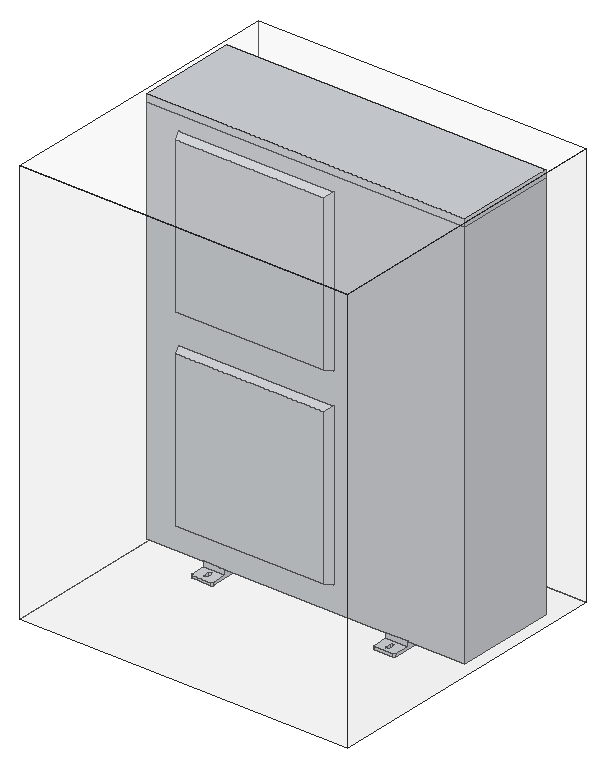
Revit family "puz-hrmp80_160ka7_50hz", category 機械設備, Revit 2019 (continued)
Definition of nested family "PUZ-ZRMP-3"
  Dimensions and locks
    aligned and locked: plane 57 to Extrusion 5 sketch curve
    aligned and locked: plane 53 to Extrusion 5 sketch curve
    aligned and locked: plane 58 to Extrusion 6 sketch curve
    aligned and locked: plane 56 to Extrusion 6 sketch curve
    aligned and locked: plane 61 to Extrusion 7 sketch curve
    aligned and locked: plane 54 to Extrusion 7 sketch curve
    aligned and locked: plane 55 to Extrusion 7
    aligned and locked: Extrusion 7 to plane 62
    aligned and locked: plane 64 to Extrusion 6
    aligned and locked: plane 63 to Extrusion 5
    aligned and locked: Extrusion 6 to plane 60
    aligned and locked: Extrusion 5 to plane 59
    aligned and locked: plane 66 to Extrusion 8 sketch curve
    aligned and locked: plane 65 to Extrusion 8 sketch curve
    aligned and locked: Extrusion 8 to plane 60
    aligned and locked: plane 64 to Extrusion 8
    aligned and locked: Blend 9 sketch curve to plane 71
    aligned and locked: Blend 9 sketch curve to plane 72
    aligned and locked: Blend 9 sketch curve to plane 42
    aligned and locked: Blend 9 sketch curve to plane 41
    aligned and locked: plane 45 to Blend 9 sketch curve
    aligned and locked: Blend 9 sketch curve to plane 46
    aligned and locked: Blend 9 sketch curve to plane 73
    aligned and locked: plane 74 to Blend 9 sketch curve
    aligned and locked: Blend 9 to plane 8
    aligned and locked: plane 38 to Blend 9
    aligned and locked: plane 22 to Extrusion 10 sketch curve
    aligned and locked: plane 21 to Extrusion 10 sketch curve
    aligned and locked: Extrusion 10 sketch curve to Extrusion 1  (x4)
    aligned and locked: Extrusion 10 sketch curve to plane 23
    aligned and locked: Extrusion 10 sketch curve to plane 20
    aligned and locked: plane 24 to Extrusion 10
    aligned and locked: Extrusion 10 to level
    aligned and locked: plane 25 to Extrusion 11
    aligned and locked: Extrusion 11 to plane 26
    aligned and locked: Masking region 1 sketch curve to Extrusion 3  (x4)
    aligned and locked: Masking region 1 sketch curve to cut or joined group of Extrusion 1, Extrusion 10  (x8)
    aligned and locked: Masking region 1 sketch curve to Blend 9  (x3)
    aligned and locked: plane 51 to Extrusion 11 sketch curve
    aligned and locked: plane 52 to Extrusion 11 sketch curve
    aligned and locked: plane 76 to Extrusion 11 sketch curve
    aligned and locked: plane 77 to Extrusion 11 sketch curve
    aligned and locked: plane 78 to Extrusion 11 sketch curve
    aligned and locked: plane 79 to Extrusion 11 sketch curve
    aligned and locked: plane 75 to Extrusion 11 sketch curve  (x4)
  Automatic sketch dimensions
    plane 7 to Extrusion 1 sketch curve = 0 mm  (x2)
    Extrusion 1 sketch curve to plane 18 = 0 mm
    plane 8 to Extrusion 1 sketch curve = 0 mm  (x2)
    Extrusion 1 sketch curve to plane 19 = 0 mm
    Extrusion 1 sketch curve to plane 20 = 0 mm
    Extrusion 1 sketch curve to plane 21 = 0 mm
    curve 187 to curve 188 = 40 mm
    curve 186 to curve 190 = 13.333 mm
    curve 190 to curve 190 = 40 mm
    curve 186 to curve 193 = 0 mm
    curve 186 to curve 188 = 40 mm
    curve 188 to curve 191 = 0 mm
    curve 179 to curve 180 = 40 mm
    curve 178 to curve 182 = 120 mm
    curve 182 to curve 182 = 40 mm
    curve 178 to curve 185 = 0 mm
    curve 178 to curve 180 = 40 mm
    curve 182 to curve 183 = 40 mm
    curve 25 to plane 45 = 0 mm
    curve 24 to plane 45 = 0 mm
    curve 22 to plane 45 = 0 mm
    curve 23 to plane 45 = 0 mm
    curve 26 to plane 45 = 0 mm
    curve 21 to plane 45 = 0 mm
    curve 24 to plane 46 = 0 mm
    curve 25 to plane 46 = 0 mm
    curve 26 to plane 46 = 0 mm
    curve 23 to plane 46 = 0 mm
    curve 22 to plane 46 = 0 mm
    curve 21 to plane 46 = 0 mm
    curve 37 to plane 48 = 0 mm
    curve 52 to plane 48 = 0 mm
    curve 51 to plane 48 = 0 mm
    curve 50 to plane 48 = 0 mm
    curve 49 to plane 48 = 0 mm
    curve 48 to plane 48 = 0 mm
    curve 47 to plane 48 = 0 mm
    curve 46 to plane 48 = 0 mm
    curve 45 to plane 48 = 0 mm
    curve 44 to plane 48 = 0 mm
    curve 43 to plane 48 = 0 mm
    curve 42 to plane 48 = 0 mm
    curve 41 to plane 48 = 0 mm
    curve 27 to plane 48 = 0 mm
    curve 28 to plane 48 = 0 mm
    curve 40 to plane 48 = 0 mm
    curve 39 to plane 48 = 0 mm
    curve 29 to plane 48 = 0 mm
    curve 38 to plane 48 = 0 mm
    curve 30 to plane 48 = 0 mm
    curve 53 to plane 48 = 0 mm
    curve 31 to plane 48 = 0 mm
    curve 36 to plane 48 = 0 mm
    curve 32 to plane 48 = 0 mm
    curve 35 to plane 48 = 0 mm
    curve 33 to plane 48 = 0 mm
    curve 34 to plane 48 = 0 mm
    curve 28 to plane 47 = 0 mm
    curve 41 to plane 47 = 0 mm
    curve 27 to plane 47 = 0 mm
    curve 42 to plane 47 = 0 mm
    curve 31 to plane 47 = 0 mm
    curve 40 to plane 47 = 0 mm
    curve 37 to plane 47 = 0 mm
    curve 39 to plane 47 = 0 mm
    curve 32 to plane 47 = 0 mm
    curve 45 to plane 47 = 0 mm
    curve 36 to plane 47 = 0 mm
    curve 46 to plane 47 = 0 mm
    curve 43 to plane 47 = 0 mm
    curve 47 to plane 47 = 0 mm
    curve 29 to plane 47 = 0 mm
    curve 48 to plane 47 = 0 mm
    curve 30 to plane 47 = 0 mm
    curve 49 to plane 47 = 0 mm
    curve 44 to plane 47 = 0 mm
    curve 50 to plane 47 = 0 mm
    curve 33 to plane 47 = 0 mm
    curve 51 to plane 47 = 0 mm
    curve 35 to plane 47 = 0 mm
    curve 52 to plane 47 = 0 mm
    curve 38 to plane 47 = 0 mm
    curve 53 to plane 47 = 0 mm
    curve 34 to plane 47 = 0 mm
    plane 13 to curve 304 = 138 mm
    curve 304 to plane 46 = 0 mm
    curve 307 to plane 45 = 0 mm
    curve 306 to plane 45 = 0 mm
    curve 303 to plane 45 = 0 mm
    curve 308 to plane 45 = 0 mm
    curve 303 to plane 46 = 0 mm
    curve 306 to plane 46 = 0 mm
    curve 307 to plane 46 = 0 mm
    curve 308 to plane 46 = 0 mm
    curve 309 to plane 45 = 0 mm
    curve 309 to plane 46 = 0 mm
    curve 305 to plane 74 = 0 mm
    curve 305 to plane 73 = 0 mm
    curve 310 to plane 74 = 0 mm
    curve 310 to plane 73 = 0 mm
    curve 311 to plane 73 = 0 mm
    curve 311 to plane 74 = 0 mm
    curve 312 to plane 74 = 0 mm
    curve 312 to plane 73 = 0 mm
    curve 313 to plane 74 = 0 mm
    curve 313 to plane 73 = 0 mm
    curve 314 to plane 73 = 0 mm
    curve 314 to plane 74 = 0 mm
    curve 315 to plane 74 = 0 mm
    curve 315 to plane 73 = 0 mm
    curve 316 to plane 73 = 0 mm
    curve 316 to plane 74 = 0 mm
    curve 317 to plane 74 = 0 mm
    curve 317 to plane 73 = 0 mm
    curve 318 to plane 74 = 0 mm
    curve 318 to plane 73 = 0 mm
    curve 319 to plane 74 = 0 mm
    curve 319 to plane 73 = 0 mm
    curve 320 to plane 74 = 0 mm
    curve 320 to plane 73 = 0 mm
    curve 321 to plane 74 = 0 mm
    curve 321 to plane 73 = 0 mm
    curve 322 to plane 73 = 0 mm
    curve 322 to plane 74 = 0 mm
    curve 323 to plane 73 = 0 mm
    curve 323 to plane 74 = 0 mm
    curve 324 to plane 73 = 0 mm
    curve 324 to plane 74 = 0 mm
    curve 325 to plane 74 = 0 mm
    curve 325 to plane 73 = 0 mm
    curve 326 to plane 74 = 0 mm
    curve 326 to plane 73 = 0 mm
    curve 327 to plane 74 = 0 mm
    curve 327 to plane 73 = 0 mm
    curve 328 to plane 74 = 0 mm
    curve 328 to plane 73 = 0 mm
    curve 329 to plane 74 = 0 mm
    curve 329 to plane 73 = 0 mm
    curve 330 to plane 74 = 0 mm
    curve 330 to plane 73 = 0 mm
    curve 331 to plane 74 = 0 mm
    curve 331 to plane 73 = 0 mm
    curve 332 to plane 73 = 0 mm
    curve 332 to plane 74 = 0 mm
    curve 333 to plane 74 = 0 mm
    curve 333 to plane 73 = 0 mm
    curve 334 to plane 73 = 0 mm
    curve 334 to plane 74 = 0 mm
    curve 335 to plane 74 = 0 mm
    curve 335 to plane 73 = 0 mm
    Extrusion 10 sketch curve to plane 18 = 0 mm  (x2)
    plane 8 to Extrusion 10 sketch curve = 0 mm
    plane 23 to Extrusion 10 sketch curve = 0 mm
    plane 22 to Extrusion 10 sketch curve = 0 mm  (x3)
    plane 16 to Extrusion 10 sketch curve = 0 mm  (x3)
    plane 17 to Extrusion 10 sketch curve = 0 mm  (x3)
    Extrusion 10 sketch curve to plane 15 = 0 mm  (x2)
    Extrusion 10 sketch curve to plane 19 = 0 mm  (x2)
    Extrusion 10 sketch curve to plane 14 = 0 mm  (x2)
    plane 7 to Extrusion 10 sketch curve = 0 mm
    Extrusion 10 sketch curve to plane 18 = 5 mm
    plane 15 to Extrusion 10 sketch curve = 6 mm  (x2)
    plane 19 to Extrusion 10 sketch curve = 5 mm
    Extrusion 10 sketch curve to plane 20 = 5 mm
    plane 14 to Extrusion 10 sketch curve = 6 mm  (x2)
    plane 21 to Extrusion 10 sketch curve = 5 mm
    plane 38 to Extrusion 10 sketch curve = 10 mm  (x2)
    plane 19 to Masking region 1 sketch curve = 0 mm
    plane 21 to Masking region 1 sketch curve = 0 mm
    plane 7 to Masking region 1 sketch curve = 0 mm  (x2)
    Masking region 1 sketch curve to plane 20 = 0 mm
    Masking region 1 sketch curve to plane 18 = 0 mm
    plane 8 to Masking region 1 sketch curve = 0 mm  (x2)
    plane 38 to Masking region 1 sketch curve = 0 mm
    curve 352 to plane 6 = 0 mm
    plane 7 to curve 352 = 0 mm
    curve 353 to plane 18 = 0 mm
    curve 348 to plane 18 = 0 mm
    plane 8 to curve 346 = 0 mm
    curve 354 to plane 19 = 0 mm
    curve 347 to plane 19 = 0 mm
    curve 345 to plane 41 = 0 mm
    plane 38 to curve 344 = 0 mm
    curve 344 to plane 46 = 0 mm
    curve 357 to plane 20 = 0 mm
    curve 343 to plane 20 = 0 mm
    curve 358 to plane 21 = 0 mm
    curve 341 to plane 21 = 0 mm
    curve 339 to plane 45 = 0 mm
    curve 339 to plane 42 = 0 mm
    curve 337 to plane 5 = 0 mm
    plane 22 to curve 354 = 0 mm
    plane 22 to curve 358 = 0 mm
    plane 23 to curve 342 = 0 mm
    plane 23 to curve 347 = 0 mm
    curve 11 to plane 65 = 6 mm
    plane 18 to curve 352 = 28.157 mm
    plane 15 to curve 346 = 0.043 mm
    plane 21 to curve 338 = 11.963 mm
    curve 336 to plane 21 = 9.073 mm
    curve 344 to plane 21 = 22.105 mm
    plane 28 to curve 3 = 5 mm
    curve 3 to plane 45 = 38 mm
    curve 1 to plane 45 = 38 mm
    curve 3 to curve 5 = 0 mm
    curve 4 to plane 29 = 5 mm
    curve 372 to plane 65 = 6 mm
    plane 65 to curve 376 = 9 mm
    curve 12 to plane 65 = 6 mm
    curve 20 to plane 53 = 4 mm
    curve 2 to curve 16 = 15 mm
    plane 51 to curve 15 = 5 mm
Definition of nested family "固定点"
  Parameters (values of type "固定点")
    中心円 = if(W > 599 mm, 12 mm, 10 mm)  # 12 mm
    W = 1000 mm
    D = 1000 mm
  Reference planes
    plane 1 "中心(正面/背面)": y = 0
    plane 2: z = 0
    plane 3 "中心(左/右)": x = 0
    plane 4: x = 1000
    plane 5: y = 1000
  Lines and regions (mm)
    symbolic lines, detail levels fine
      curve 1: circle (0, 1000, 0) r 6 normal (0, 0, 1)
      curve 2: circle (0, 0, 0) r 6 normal (0, 0, 1)
      curve 3: circle (1000, 1000, 0) r 6 normal (0, 0, 1)
      curve 4: circle (1000, 0, 0) r 6 normal (0, 0, 1)
      curve 5: line (-200, 1000, 0) -> (1200, 1000, 0)
      curve 6: line (-200, 0, 0) -> (1200, 0, 0)
      curve 7: line (0, 1200, 0) -> (0, -200, 0)
      curve 8: line (1000, 1200, 0) -> (1000, -200, 0)
  Dimensions and locks
    "W": plane 3 "中心(左/右)" to plane 4
    "D": plane 1 "中心(正面/背面)" to plane 5
    "中心円": diameter of curve 1
    "中心円": diameter of curve 2
    "中心円": diameter of curve 3
    "中心円": diameter of curve 4
    aligned and locked: level to plane 2
    aligned and locked: plane 5 to curve 1
    aligned and locked: plane 3 "中心(左/右)" to curve 1
    aligned and locked: plane 3 "中心(左/右)" to curve 2
    aligned and locked: plane 1 "中心(正面/背面)" to curve 2
    aligned and locked: plane 4 to curve 3
    aligned and locked: plane 5 to curve 3
    aligned and locked: plane 1 "中心(正面/背面)" to curve 4
    aligned and locked: plane 4 to curve 4
    aligned and locked: plane 1 "中心(正面/背面)" to curve 6
    aligned and locked: curve 7 to plane 3 "中心(左/右)"
    aligned and locked: curve 8 to plane 4
  Automatic sketch dimensions
    curve 5 to plane 5 = 0 mm
    curve 6 to plane 3 "中心(左/右)" = 200 mm
    curve 5 to plane 3 "中心(左/右)" = 200 mm
    curve 4 to curve 6 = 200 mm
    curve 3 to curve 5 = 200 mm
    plane 1 "中心(正面/背面)" to curve 8 = 200 mm
    plane 1 "中心(正面/背面)" to curve 7 = 200 mm
    curve 3 to curve 8 = 200 mm
    curve 1 to curve 7 = 200 mm
Types (4, lengths in mm): name | 音響パワーレベル（冷）(dB) | 音響パワーレベル(dB) | 電動機出力_圧縮機 | 消費電力_暖房 | 消費電力_冷房 | 消費電力 | 構成品番 | 暖房能力 | 推奨ブレーカー容量 | 冷房能力 | URL
  室外機_PUZ-HRMP80KA7 (-BS,BSG) | 66 | 68 | 1.5 kW | 1.92 kW | 1.77 kW | 1.92 kW | "PUZ-HRMP80KA7 (-BS,-BSG)" | 8 kW | 30 A | 7.1 kW | "https://www.mitsubishielectric.co.jp/ldg/wink/ssl/top.do"
  室外機_PUZ-HRMP112KA7 (-BS,BSG) | 66 | 69 | 2.1 kW | 2.69 kW | 2.5 kW | 2.69 kW | "PUZ-HRMP112KA7 (-BS,-BSG)" | 11.2 kW | 30 A | 10 kW | "https://www.mitsubishielectric.co.jp/ldg/wink/ssl/top.do\r\nhttps://www.mitsubishielectric.co.jp/ldg/wink/ssl/top.do\r\nhttps://www.mitsubishielectric.co.jp/ldg/wink/ssl/top.do"
  室外機_PUZ-HRMP140KA7 (-BS,BSG) | 68 | 69 | 2.7 kW | 3.82 kW | 3.69 kW | 3.82 kW | "PUZ-HRMP140KA7 (-BS,-BSG)" | 14 kW | 40 A | 12.5 kW | "https://www.mitsubishielectric.co.jp/ldg/wink/ssl/top.do"
  室外機_PUZ-HRMP160KA7 (-BS,BSG) | 69 | 71 | 3.1 kW | 4.49 kW | 4.7 kW | 4.7 kW | "PUZ-HRMP160KA7 (-BS,-BSG)" | 16 kW | 40 A | 14 kW | "https://www.mitsubishielectric.co.jp/ldg/wink/ssl/top.do"
